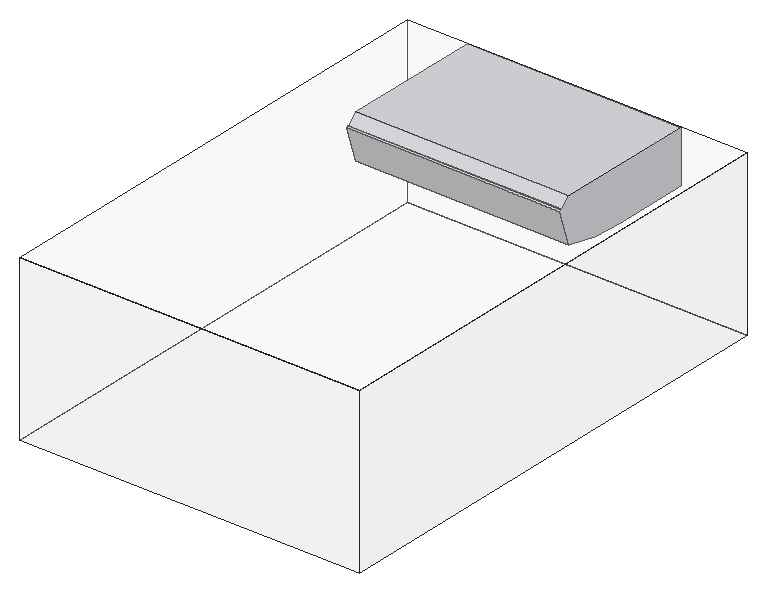
Revit family "pcfy-mp45_160km_50Hz", category 機械設備, Revit 2019
Family settings
  丸型コネクタ寸法 = 直径を使用
  パーツ タイプ = 標準
  OmniClass 番号 = 23.75.10.24.21.27.27
  OmniClass タイトル = Split System Air Conditioning Units
  作業面ベース = いいえ
  常に垂直 = はい
  ロード時にボイドで切り取り = いいえ
  共有 = いいえ
  部屋計算ポイント = はい
Parameters (values of type "天吊_PCFY-MP45KM")
  風量_弱 (㎥/min) = 9
  風量_中2 (㎥/min) = 10
  風量_中 (㎥/min) = 11
  風量_強 (㎥/min) = 12
  風量 = MAX風量  # 720.0 m³/h
  音響パワーレベル_弱 (dB) = 48
  音響パワーレベル_中2 (dB) = 49
  音響パワーレベル_中 (dB) = 51
  音響パワーレベル_強 (dB) = 53
  音響パワーレベル (dB) = [音響パワーレベル_強 (dB)]  # 53
  電源種別 = ""
  電源_H = 0 mm
  電圧 = 200 V
  電動機出力_送風機 = 0.09 kW
  運転質量 = 0.00 kg
  連動 = ""
  質量 = if(製品質量 > 運転質量, 製品質量, 運転質量) * 1.2  # 28.80 kg
  負荷分類 = 3_ファン類
  説明 = "ビル用マルチ 天吊形室内機"
  設計暖房能力 = 0.00 kW
  設計冷房能力_顕熱 = 0 kW
  設計冷房能力 = 0 kW
  設置方法 = "天井吊形"
  記号 = ""
  製造元 = "三菱電機株式会社"
  製品質量 = 24.00 kg
  製品出荷対象 = "国内"
  製品リリース年月 = ""
  製品グループ = ""
  系統 = ""
  符号 = "ACP-CR"
  積算_科目 = "1 空気調和設備"
  積算_拾い区分 [instance] = ""
  相 = 1
  盤記号 = ""
  発停方法 = "付属スイッチ"
  特殊仕様 = ""
  点検口離隔 [instance] = if(点検口離隔入力値 > 200 mm, 200 mm, if(点検口離隔入力値 < 150 mm, 150 mm, 点検口離隔入力値))  # 150 mm
  点検口離隔入力値 [instance] = 0 mm
  点検口設置範囲 = 0 mm
  点検口 = yes
  火災停止 = ""
  消費電力_暖房 = 0.04 kW
  消費電力_冷房 = 0.05 kW
  消費電力 = if(消費電力_冷房 > 消費電力_暖房, 消費電力_冷房, 消費電力_暖房)  # 0.05 kW
  法定耐用年数 = "6"
  極数 = 1
  材質 = ""
  本体マテリアル = none
  有効加湿量 = 0
  暖房能力 = 5.00 kW
  推奨ブレーカー容量 = 0 A
  形式_加湿器 = ""
  形式 = "天井吊（露出）形"
  幹線記号 = ""
  始動方式 = "直入"
  呼称 = "室内機_天井吊(露出)形"
  周波数 = 50 Hz
  吊り位置Y = 320 mm
  吊り位置X = 917 mm
  吊りボルト_H = 50 mm
  台数_手元リモコン = ""
  台数_冷媒分岐ユニット = ""
  参照している仕様書等のバージョン = "公共建築物標準仕様書（機械設備工事編）平成31年度版"
  分類コード = "50053003221080"
  分類グループ = ""
  冷房能力 = 4.5 kW
  冷媒管径符号 = "Ac"
  冷媒管径 = 100.00 mm
  冷媒液管高さ = 126 mm
  冷媒液管長さ = 184 mm
  冷媒液管径 = 6.35 mm
  冷媒ガス管高さ = 126 mm
  冷媒ガス管長さ = 203 mm
  冷媒ガス管径 = 12.70 mm
  企業コード = "108420"
  付属品_フィルター = ""
  付属品 = ""
  仕様書バージョン = "Version1.0"
  モデル = "PCFY-MP45KM"
  パネルマテリアル = none
  ドレン管高さ = 190 mm
  ドレン管径 (外径) = 26.00 mm
  ドレン管径 = 20.00 mm
  サービススペース = yes
  コメント [instance] = ""
  ケーブル種類 = ""
  ケーブルサイズ = 0 mm
  【値が 0 の項目は組合せ形名にてご確認ください】 = ""
  Width = 960 mm
  Version = ""
  Uniclass2015Version = "Systems v1.9"
  Uniclass2015Title = "Split coil remote air cooled condensing units"
  Uniclass2015Code = "Pr_70_65_03_84"
  URL = "https://www.mitsubishielectric.co.jp/ldg/wink/ssl/top.do"
  SpecificationReference = ""
  SpecificationDescription = ""
  Revision = ""
  ProductInformation = ""
  OmniClassCode = "23-33 17 13 11"
  MIN風量 = [風量_弱 (㎥/min)] * 60.0 m³/h  # 540.0 m³/h
  MID風量2 = [風量_中2 (㎥/min)] * 60.0 m³/h  # 600.0 m³/h
  MID風量 = [風量_中 (㎥/min)] * 60.0 m³/h  # 660.0 m³/h
  MAX風量 = [風量_強 (㎥/min)] * 60.0 m³/h  # 720.0 m³/h
  IfcTypeProduct = ""
  IfcProduct = ""
  IfcExportType = "AIRCONDITIONINGUNIT"
  IfcExportAs = "IfcUnitaryEquipmentType"
  Height_本体 = 230 mm
  Height = Height_本体 + 6 mm  # 236 mm
  Depth = 680 mm
  Clearance Top = 1 mm
  Clearance Right = 300 mm  # constant formula
  Clearance Left = 270 mm  # constant formula
  Clearance Front = 1500 mm
  Clearance Bottom = 500 mm  # constant formula
  Clearance Back = 0 mm  # constant formula
  Author = "三菱電機株式会社"
Types (8, lengths in mm): name | 風量_弱 (㎥/min) | 風量_中2 (㎥/min) | 風量_中 (㎥/min) | 風量_強 (㎥/min) | 風量 | 音響パワーレベル_弱 (dB) | 音響パワーレベル_中2 (dB) | 音響パワーレベル_中 (dB) | 音響パワーレベル_強 (dB) | 音響パワーレベル (dB) | 電動機出力_送風機 | 質量 | 製品質量 | 消費電力_暖房 | 消費電力_冷房 | 消費電力 | 暖房能力 | 吊り位置X | 冷房能力 | 冷媒管径符号 | 冷媒液管径 | 冷媒ガス管長さ | 冷媒ガス管径 | モデル | Width | MIN風量 | MID風量2 | MID風量 | MAX風量
  天吊_PCFY-MP45KM | 9 | 10 | 11 | 12 | 720.0 m³/h | 48 | 49 | 51 | 53 | 53 | 0.09 kW | 28.80 kg | 24.00 kg | 0.04 kW | 0.05 kW | 0.05 kW | 5.00 kW | 917 | 4.5 kW | "Ac" | 6.35 | 203 | 12.70 | "PCFY-MP45KM" | 960 | 540.0 m³/h | 600.0 m³/h | 660.0 m³/h | 720.0 m³/h
  天吊_PCFY-MP56KM | 10 | 11 | 12 | 13 | 780.0 m³/h | 49 | 51 | 53 | 55 | 55 | 0.09 kW | 28.80 kg | 24.00 kg | 0.05 kW | 0.06 kW | 0.06 kW | 6.30 kW | 917 | 5.6 kW | "Ac" | 6.35 | 203 | 12.70 | "PCFY-MP56KM" | 960 | 600.0 m³/h | 660.0 m³/h | 720.0 m³/h | 780.0 m³/h
  天吊_PCFY-MP71KM | 14 | 15 | 16 | 18 | 1080.0 m³/h | 52 | 53 | 54 | 55 | 55 | 0.095 kW | 38.40 kg | 32.00 kg | 0.07 kW | 0.08 kW | 0.08 kW | 8.00 kW | 1237 | 7.1 kW | "Bd" | 9.52 | 200 | 15.88 | "PCFY-MP71KM" | 1280 | 840.0 m³/h | 900.0 m³/h | 960.0 m³/h | 1080.0 m³/h
  天吊_PCFY-MP80KM | 14 | 15 | 16 | 18 | 1080.0 m³/h | 52 | 53 | 54 | 55 | 55 | 0.095 kW | 38.40 kg | 32.00 kg | 0.07 kW | 0.08 kW | 0.08 kW | 9.00 kW | 1237 | 8 kW | "Bd" | 9.52 | 200 | 15.88 | "PCFY-MP80KM" | 1280 | 840.0 m³/h | 900.0 m³/h | 960.0 m³/h | 1080.0 m³/h
  天吊_PCFY-MP90KM | 15 | 16 | 18 | 20 | 1200.0 m³/h | 54 | 55 | 56 | 58 | 58 | 0.095 kW | 38.40 kg | 32.00 kg | 0.08 kW | 0.09 kW | 0.09 kW | 10.00 kW | 1237 | 9 kW | "Bd" | 9.52 | 200 | 15.88 | "PCFY-MP90KM" | 1280 | 900.0 m³/h | 960.0 m³/h | 1080.0 m³/h | 1200.0 m³/h
  天吊_PCFY-MP112KM | 20 | 22 | 25 | 28 | 1680.0 m³/h | 55 | 57 | 59 | 61 | 61 | 0.16 kW | 43.20 kg | 36.00 kg | 0.13 kW | 0.14 kW | 0.14 kW | 12.50 kW | 1557 | 11.2 kW | "Bd" | 9.50 | 200 | 15.88 | "PCFY-MP112KM" | 1600 | 1200.0 m³/h | 1320.0 m³/h | 1500.0 m³/h | 1680.0 m³/h
  天吊_PCFY-MP140KM | 21 | 24 | 27 | 31 | 1860.0 m³/h | 57 | 59 | 61 | 63 | 63 | 0.16 kW | 45.60 kg | 38.00 kg | 0.15 kW | 0.16 kW | 0.16 kW | 16.00 kW | 1557 | 14 kW | "Bd" | 9.52 | 200 | 15.88 | "PCFY-MP140KM" | 1600 | 1260.0 m³/h | 1440.0 m³/h | 1620.0 m³/h | 1860.0 m³/h
  天吊_PCFY-MP160KM | 21 | 24 | 27 | 31 | 1860.0 m³/h | 58 | 60 | 62 | 64 | 64 | 0.16 kW | 46.80 kg | 39.00 kg | 0.18 kW | 0.19 kW | 0.19 kW | 18.00 kW | 1557 | 16 kW | "Bd" | 9.52 | 200 | 15.88 | "PCFY-MP160KM" | 1600 | 1260.0 m³/h | 1440.0 m³/h | 1620.0 m³/h | 1860.0 m³/h
Reference planes
  plane 1 "中心(正面/背面)": y = 0
  plane 2: z = 0
  plane 3 "中心(左/右)": x = 0
  plane 4: z = 236
  plane 5: x = -458.5
  plane 6: x = 458.5
  plane 7: y = 260
  plane 8: y = -60
  plane 9: y = 340
  plane 10: y = -340
  plane 11: x = -480
  plane 12: x = 480
  plane 13: x = -750
  plane 14: x = 780
  plane 15: y = 340
  plane 16: y = -1840
  plane 17: z = 237
  plane 18: z = -1020
  plane 19: z = -500
  plane 20: x = -662
Dimensions and locks
  "吊り位置X": plane 5 to plane 6
  equal spacing: plane 5, plane 3 "中心(左/右)", plane 6
  "吊り位置Y": plane 8 to plane 7
  equal spacing: plane 10, plane 1 "中心(正面/背面)", plane 9
  "Depth": plane 10 to plane 9
  equal spacing: plane 11, plane 3 "中心(左/右)", plane 12
  "Width": plane 11 to plane 12
  "Clearance Back": plane 9 to plane 15
  "Clearance Front": plane 16 to plane 10
  "Clearance Right": plane 12 to plane 14
  "Clearance Left": plane 13 to plane 11
  "Height": plane 4 to level
  locked: plane 7 to plane 9 at 80
  "Clearance Bottom": level to plane 19
  "Clearance Top": plane 17 to plane 4
  aligned and locked: level to plane 2
  aligned and locked: plane 5 to nested 2
  aligned and locked: plane 6 to nested 2
  aligned and locked: nested 2 to plane 7
  aligned and locked: plane 8 to nested 2
  aligned and locked: nested 1 to plane 13
  aligned and locked: nested 1 to plane 14
  aligned and locked: plane 16 to nested 1
  aligned and locked: plane 15 to nested 1
  aligned and locked: plane 17 to nested 1
  aligned and locked: plane 1 "中心(正面/背面)" to nested 3
  aligned and locked: plane 3 "中心(左/右)" to nested 3
  aligned and locked: plane 19 to nested 1
Nested families
  nested 1: "サービススペース" at (15, -750, -131.5), visible <- "サービススペース", type "サービススペース"
    with Width 1530 mm, Height 737 mm, Depth 2180 mm
  nested 2: "固定点" at (-458.5, -60, 0), type "固定点"
    with W 917 mm, D 320 mm
  nested 3: "PCFY-P-KMG" at (0, 0, 0), type "PCFY-P-KMG", detail levels fine
Connectors
  electrical at (196, 339, 206), driven by "極数", driven by "負荷分類", driven by "電圧", driven by "消費電力"
    settings: on nested 3, index 1, voltage 200 V, apparent load 50 VA, apparent load phase1 0 VA, apparent load phase2 0 VA, apparent load phase3 0 VA, power factor 1, load classification "3_ファン類", number of poles 1, system type 30, power factor state 1, is connector primary yes, connector utility no, sub classification motor no, connector description ""
  piping at (351.5, 140, 110), diameter 6.35, driven by "冷媒液管径"
    settings: on nested 3, index 2, connector inside diameter 609.60 mm, connector length 0 mm, flow factor 0, pipe flow 0.0 L/s, pressure drop 0.0 Pa, fitting loss kfactor 0, connector angle 0.00°, fixture units 0, engagement length 0 mm, angle of deflection 0.00°, flow configuration 1, flow direction 1, fitting loss method 4, system type 7, joint type 0, gender type 0, connector reference index -1, connector utility 0, adjustable connector no, is connector primary yes, connector description ""
  piping at (342, 94, 46), diameter 20, driven by "ドレン管径"
    settings: on nested 3, index 3, connector inside diameter 609.60 mm, connector length 0 mm, flow factor 0, pipe flow 0.0 L/s, pressure drop 0.0 Pa, fitting loss kfactor 0, connector angle 0.00°, fixture units 0, engagement length 0 mm, angle of deflection 0.00°, flow configuration 1, flow direction 2, fitting loss method 0, system type 16, joint type 0, gender type 0, connector reference index -1, connector utility 0, adjustable connector no, is connector primary no, connector description ""
  piping at (-405, 94, 46), diameter 20, driven by "ドレン管径"
    settings: on nested 3, index 4, connector inside diameter 609.60 mm, connector length 0 mm, flow factor 0, pipe flow 0.0 L/s, pressure drop 0.0 Pa, fitting loss kfactor 0, connector angle 0.00°, fixture units 0, engagement length 0 mm, angle of deflection 0.00°, flow configuration 1, flow direction 2, fitting loss method 4, system type 16, joint type 0, gender type 0, connector reference index -1, connector utility 0, adjustable connector no, is connector primary no, connector description ""
Definition of nested family "サービススペース"
  Parameters (values of type "サービススペース")
    Width [instance] = 500 mm
    Height [instance] = 500 mm
    Depth [instance] = 500 mm
  Reference planes
    plane 1 "中心(正面/背面)": y = 0
    plane 2: z = 0
    plane 3 "中心(左/右)": x = 0
    plane 4: y = -250
    plane 5: x = 250
    plane 6: y = 250
    plane 7: x = -250
    plane 8: z = 250
    plane 9: z = -250
  Forms (mm)
    Extrusion 1, solid
      sketch origin (-638.939, 0, 72.39) x (1, 0, 0) y (0, 1, 0)
        loop
          line (388.939, 250) -> (388.939, -250) -> (888.939, -250) -> (888.939, 250) -> (388.939, 250)
      from -322.39 to 177.61
  Lines and regions (mm)
    symbolic lines
      curve 1: line (-250, 0, 250) -> (250, 0, 250)
      curve 2: line (-250, 0, -250) -> (-250, 0, 250)
      curve 3: line (250, 0, -250) -> (-250, 0, -250)
      curve 4: line (250, 0, 250) -> (250, 0, -250)
      curve 5: line (0, -250, 250) -> (0, 250, 250)
      curve 6: line (0, -250, -250) -> (0, -250, 250)
      curve 7: line (0, 250, -250) -> (0, -250, -250)
      curve 8: line (0, 250, 250) -> (0, 250, -250)
      curve 9: line (-250, 250, 0) -> (250, 250, 0)
      curve 10: line (-250, -250, 0) -> (-250, 250, 0)
      curve 11: line (250, -250, 0) -> (-250, -250, 0)
      curve 12: line (250, 250, 0) -> (250, -250, 0)
  Dimensions and locks
    equal spacing: plane 7, plane 3 "中心(左/右)", plane 5
    equal spacing: plane 4, plane 1 "中心(正面/背面)", plane 6
    "Depth": plane 4 to plane 6
    "Width": plane 7 to plane 5
    equal spacing: plane 8, plane 2, plane 9
    "Height": plane 8 to plane 9
    aligned and locked: plane 9 to curve 3
    aligned and locked: plane 7 to curve 2
    aligned and locked: curve 4 to plane 5
    aligned and locked: plane 5 to Extrusion 1
    aligned and locked: Extrusion 1 to plane 7
    aligned and locked: Extrusion 1 to plane 9
    aligned and locked: plane 8 to Extrusion 1
    aligned and locked: plane 9 to curve 7
  Automatic sketch dimensions
    plane 4 to Extrusion 1 sketch curve = 0 mm
    Extrusion 1 sketch curve to plane 7 = 0 mm
    Extrusion 1 sketch curve to plane 5 = 0 mm
    plane 6 to Extrusion 1 sketch curve = 0 mm
    curve 2 to plane 8 = 0 mm
    plane 4 to curve 11 = 0 mm
    curve 11 to plane 7 = 0 mm
    curve 11 to plane 5 = 0 mm
    plane 6 to curve 10 = 0 mm
    curve 7 to plane 4 = 0 mm
    curve 7 to plane 6 = 0 mm
    curve 6 to plane 8 = 0 mm
Definition of nested family "PCFY-P-KMG"
  Parameters (values of type "PCFY-P-KMG")
    配線取出口サイズ = 22 mm
    配線取出口-Z = 0 mm
    配線取出口-Y = 0 mm
    配線取出口-X = 0 mm
    液配管サイズ = 100 mm
    高さ = 236 mm
    奥行き = 680 mm
    吊りボルト_H = 50 mm
    冷媒配管サイズ = 6.35 mm
    冷媒液管径-Z = 0 mm
    冷媒液管径-Y = 0 mm
    冷媒液管径-X = 0 mm
    冷媒ガス管径-Z = 0 mm
    冷媒ガス管径-Y = 0 mm
    冷媒ガス管径-X = 0 mm
    吊りボルト-W = 917 mm
    マテリアル = none
    ドレン配管サイズ = 26 mm
    ドレン管径-Z = 0 mm
    ドレン管径-Y = 0 mm
    ドレン管径-X = 0 mm
    ガス配管サイズ = 12.7 mm
    吊りボルト-D = 320 mm
    幅さ = 960 mm
  Reference planes
    plane 1 "中心(正面/背面)": y = 0
    plane 2: z = 0
    plane 3 "中心(左/右)": x = 0
    plane 4: z = 236
    plane 5: x = -480
    plane 6: x = 480
    plane 7: y = 340
    plane 8: y = -340
    plane 9: y = -289
    plane 10: y = -330
    plane 11: y = -335
    plane 12: z = 84
    plane 13: z = 172
    plane 14: z = 195
    plane 15: z = 200
    plane 16: z = 40
    plane 17: x = -426.5
    plane 18: x = 426.5
    plane 19: x = 373
    plane 20: y = -136
    plane 21: y = -193
    plane 22: y = 86
    plane 23: z = 110
    plane 24: z = 46
    plane 25: x = -469
    plane 26: y = 156
    plane 27: y = 137
    plane 28: y = 94
    plane 29: x = -158
    plane 30: z = 206
    plane 31: x = -405
    plane 32: x = 342
    plane 33: x = 394
    plane 34: x = 309
    plane 35: x = 196
    plane 36: x = 168
    plane 37: y = 140
  Forms (mm)
    Extrusion 1, solid, material <- "マテリアル"
      sketch origin (480, 1296.25, 1200) x (0, 1, 0) y (0, 0, 1)
        loop
          line (-1585.25, -964) -> (-1626.25, -1000) -> (-1631.25, -1000) -> (-1636.25, -1005) -> (-1585.25, -1160)
          arc (-1585.25, -1160) -> (-1442.128, -1189.953) -> (-1296.25, -1200) r 1064.013
          line (-1296.25, -1200) -> (-956.25, -1200) -> (-956.25, -964) -> (-1585.25, -964)
      from -960 to 0
    Extrusion 2, solid, material <- "マテリアル"
      sketch origin (674, 0, 0) x (1, 0, 0) y (0, 0, 1)
        loop
          circle (-478, 206) r 11
      from -339 to -340
    Extrusion 3, solid, material <- "マテリアル"
      sketch origin (0, 0, 0) x (-1, 0, 0) y (0, 0, -1)
        loop
          circle (-394, -110) r 6.35
      from -140 to -37
    Extrusion 4, solid, material <- "マテリアル"
      sketch origin (0, 0, 0) x (-1, 0, 0) y (0, 0, -1)
        loop
          circle (-351.5, -110) r 50
      from -140 to -37
    Extrusion 5, solid, material <- "マテリアル"
      sketch origin (0, 0, 0) x (-1, 0, 0) y (0, 0, -1)
        loop
          circle (-309, -110) r 3.175
      from -156 to -56
    Extrusion 6, solid, material <- "マテリアル"
      sketch origin (0, 0, 0) x (-1, 0, 0) y (0, 0, -1)
        loop
          circle (405, -46) r 13
        loop
          circle (-342, -46) r 13
      from -94 to 6
    Extrusion 7, solid, material <- "マテリアル"
      sketch origin (646, 0, 0) x (1, 0, 0) y (0, 0, 1)
        loop
          circle (-478, 206) r 11
      from -339 to -340
    Extrusion 8, solid, material <- "マテリアル"
      sketch origin (674, 0, -169) x (1, 0, 0) y (0, 0, 1)
        loop
          circle (-478, 206) r 11
      from -339 to -340
    Extrusion 9, solid, material <- "マテリアル"
      sketch origin (646, 0, -169) x (1, 0, 0) y (0, 0, 1)
        loop
          circle (-478, 206) r 11
      from -339 to -340
  Lines and regions (mm)
    model lines
      curve 1: line (426.5, -303.59, 84.341) -> (426.5, -332.355, 171.766)
      curve 2: line (426.5, -332.355, 171.766) -> (-426.5, -332.355, 171.766)
      curve 3: line (-426.5, -303.59, 84.341) -> (426.5, -303.59, 84.341)
      curve 4: line (-426.5, -332.355, 171.766) -> (-426.5, -303.59, 84.341)
      curve 5: line (-426.5, 310, 0) -> (-426.5, 86, 0)
      curve 6: line (426.5, 310, 0) -> (426.5, 86, 0)
      curve 7: line (426.5, 310, 0) -> (-426.5, 310, 0)
      curve 8: line (426.5, 86, 0) -> (-426.5, 86, 0)
      curve 9: line (426.5, 294, 0) -> (-426.5, 294, 0)
      curve 10: line (426.5, 278, 0) -> (-426.5, 278, 0)
      curve 11: line (426.5, 262, 0) -> (-426.5, 262, 0)
      curve 12: line (426.5, 246, 0) -> (-426.5, 246, 0)
      curve 13: line (426.5, 230, 0) -> (-426.5, 230, 0)
      curve 14: line (426.5, 214, 0) -> (-426.5, 214, 0)
      curve 15: line (426.5, 198, 0) -> (-426.5, 198, 0)
      curve 16: line (426.5, 182, 0) -> (-426.5, 182, 0)
      curve 17: line (426.5, 166, 0) -> (-426.5, 166, 0)
      curve 18: line (426.5, 150, 0) -> (-426.5, 150, 0)
      curve 19: line (426.5, 134, 0) -> (-426.5, 134, 0)
      curve 20: line (426.5, 118, 0) -> (-426.5, 118, 0)
      curve 21: line (426.5, 102, 0) -> (-426.5, 102, 0)
  Dimensions and locks
    equal spacing: plane 8, plane 1 "中心(正面/背面)", plane 7
    "奥行き": plane 8 to plane 7
    equal spacing: plane 5, plane 3 "中心(左/右)", plane 6
    "幅さ": plane 5 to plane 6
    "高さ": plane 4 to level
    locked: plane 8 to plane 11 at 5
    locked: plane 8 to plane 10 at 10
    locked: plane 8 to plane 9 at 51
    locked: plane 12 to level at 84
    locked: plane 14 to level at 195
    locked: plane 15 to level at 200
    locked: plane 16 to level at 40
    plane 17 to plane 18 = 853 mm
    locked: plane 5 to plane 17 at 53.5
    locked: plane 18 to plane 6 at 53.5
    locked: plane 13 to plane 12 at 88
    locked: plane 21 to plane 20 at 57
    locked: plane 20 to plane 7 at 476
    locked: plane 22 to plane 7 at 254
    locked: plane 4 to plane 23 at 126
    locked: plane 4 to plane 24 at 190
    locked: plane 28 to plane 7 at 246
    locked: plane 26 to plane 7 at 184
    locked: plane 27 to plane 7 at 203
    locked: plane 5 to plane 29 at 322
    locked: plane 4 to plane 30 at 30
    plane 33 to plane 6 = 86 mm
    plane 34 to plane 33 = 85 mm
    plane 32 to plane 6 = 138 mm
    plane 5 to plane 31 = 75 mm
    plane 6 to plane 35 = 284 mm
    plane 35 to plane 36 = 28 mm
    "配線取出口サイズ": diameter of Extrusion 2 sketch curve
    "ガス配管サイズ": diameter of Extrusion 3 sketch curve
    "液配管サイズ": diameter of Extrusion 4 sketch curve
    "冷媒配管サイズ": diameter of Extrusion 5 sketch curve
    "ドレン配管サイズ": diameter of Extrusion 6 sketch curve  (x2)
    "配線取出口サイズ": diameter of Extrusion 7 sketch curve
    "配線取出口サイズ": diameter of Extrusion 8 sketch curve
    "配線取出口サイズ": diameter of Extrusion 9 sketch curve
    aligned and locked: level to plane 2
    aligned and locked: Extrusion 1 sketch curve to plane 4
    aligned and locked: Extrusion 1 sketch curve to plane 7
    aligned and locked: Extrusion 1 sketch curve to level
    aligned and locked: plane 15 to Extrusion 1 sketch curve
    aligned and locked: plane 14 to Extrusion 1 sketch curve
    aligned and locked: plane 16 to Extrusion 1 sketch curve
    aligned and locked: Extrusion 1 to plane 5
    aligned and locked: plane 6 to Extrusion 1
    aligned and locked: curve 4 to plane 17
    aligned and locked: plane 18 to curve 1
    aligned and locked: curve 5 to plane 17
    aligned and locked: curve 6 to plane 18
    aligned and locked: curve 8 to plane 22
    aligned and locked: plane 30 to Extrusion 2 sketch curve
    aligned and locked: plane 7 to Extrusion 2
  Automatic sketch dimensions
    plane 7 to curve 7 = 30 mm
    curve 21 to plane 28 = 8 mm
    curve 21 to curve 20 = 16 mm
    plane 27 to curve 19 = 3 mm
    plane 26 to curve 18 = 6 mm
    curve 17 to plane 26 = 10 mm
    curve 17 to curve 16 = 16 mm
    curve 16 to curve 15 = 16 mm
    curve 15 to curve 14 = 16 mm
    curve 14 to curve 13 = 16 mm
    curve 13 to curve 12 = 16 mm
    curve 12 to curve 11 = 16 mm
    curve 11 to curve 10 = 16 mm
    curve 10 to curve 9 = 16 mm
    Extrusion 1 sketch curve to plane 8 = 0 mm
    Extrusion 1 sketch curve to plane 11 = 0 mm
    Extrusion 1 sketch curve to plane 10 = 0 mm
    Extrusion 1 sketch curve to plane 9 = 0 mm  (x2)
    Extrusion 1 sketch curve to plane 1 "中心(正面/背面)" = 0 mm
    Extrusion 1 to curve 1 = 24.459 mm
    curve 3 to Extrusion 1 = 46.68 mm
    Extrusion 1 to curve 4 = 53.5 mm
    Extrusion 1 to curve 3 = 53.5 mm
    Extrusion 2 sketch curve to plane 35 = 0 mm
    Extrusion 3 sketch curve to plane 23 = 0 mm
    Extrusion 3 sketch curve to plane 33 = 0 mm
    Extrusion 4 sketch curve to plane 23 = 0 mm
    Extrusion 4 sketch curve to plane 32 = 9.5 mm
    Extrusion 5 sketch curve to plane 23 = 0 mm
    Extrusion 5 sketch curve to plane 34 = 0 mm
    Extrusion 6 sketch curve to plane 24 = 0 mm  (x2)
    Extrusion 6 sketch curve to plane 32 = 0 mm
    Extrusion 6 sketch curve to plane 31 = 0 mm
    Extrusion 7 sketch curve to plane 30 = 0 mm
    Extrusion 7 sketch curve to plane 36 = 0 mm
    Extrusion 8 sketch curve to plane 35 = 0 mm
    Extrusion 8 sketch curve to plane 16 = 3 mm
    Extrusion 9 sketch curve to plane 36 = 0 mm
    Extrusion 9 sketch curve to plane 16 = 3 mm
Definition of nested family "固定点"
  Parameters (values of type "固定点")
    中心円 = 20 mm
    W [instance] = 1000 mm
    D [instance] = 1000 mm
  Reference planes
    plane 1 "中心(正面/背面)": y = 0
    plane 2: z = 0
    plane 3 "中心(左/右)": x = 0
    plane 4: x = 1000
    plane 5: y = 1000
  Lines and regions (mm)
    symbolic lines, detail levels fine
      curve 1: circle (0, 1000, 0) r 10 normal (0, 0, 1)
      curve 2: circle (0, 0, 0) r 10 normal (0, 0, 1)
      curve 3: circle (1000, 1000, 0) r 10 normal (0, 0, 1)
      curve 4: circle (1000, 0, 0) r 10 normal (0, 0, 1)
      curve 5: line (-200, 1000, 0) -> (1200, 1000, 0)
      curve 6: line (-200, 0, 0) -> (1200, 0, 0)
      curve 7: line (0, 1200, 0) -> (0, -200, 0)
      curve 8: line (1000, 1200, 0) -> (1000, -200, 0)
  Dimensions and locks
    "W": plane 3 "中心(左/右)" to plane 4
    "D": plane 1 "中心(正面/背面)" to plane 5
    "中心円": diameter of curve 1
    "中心円": diameter of curve 2
    "中心円": diameter of curve 3
    "中心円": diameter of curve 4
    aligned and locked: level to plane 2
    aligned and locked: plane 5 to curve 1
    aligned and locked: plane 3 "中心(左/右)" to curve 1
    aligned and locked: plane 3 "中心(左/右)" to curve 2
    aligned and locked: plane 1 "中心(正面/背面)" to curve 2
    aligned and locked: plane 4 to curve 3
    aligned and locked: plane 5 to curve 3
    aligned and locked: plane 1 "中心(正面/背面)" to curve 4
    aligned and locked: plane 4 to curve 4
    aligned and locked: plane 1 "中心(正面/背面)" to curve 6
    aligned and locked: curve 7 to plane 3 "中心(左/右)"
    aligned and locked: curve 8 to plane 4
  Automatic sketch dimensions
    curve 5 to plane 5 = 0 mm
    curve 6 to plane 3 "中心(左/右)" = 200 mm
    curve 5 to plane 3 "中心(左/右)" = 200 mm
    curve 4 to curve 6 = 200 mm
    curve 3 to curve 5 = 200 mm
    plane 1 "中心(正面/背面)" to curve 8 = 200 mm
    plane 1 "中心(正面/背面)" to curve 7 = 200 mm
    curve 3 to curve 8 = 200 mm
    curve 1 to curve 7 = 200 mm
